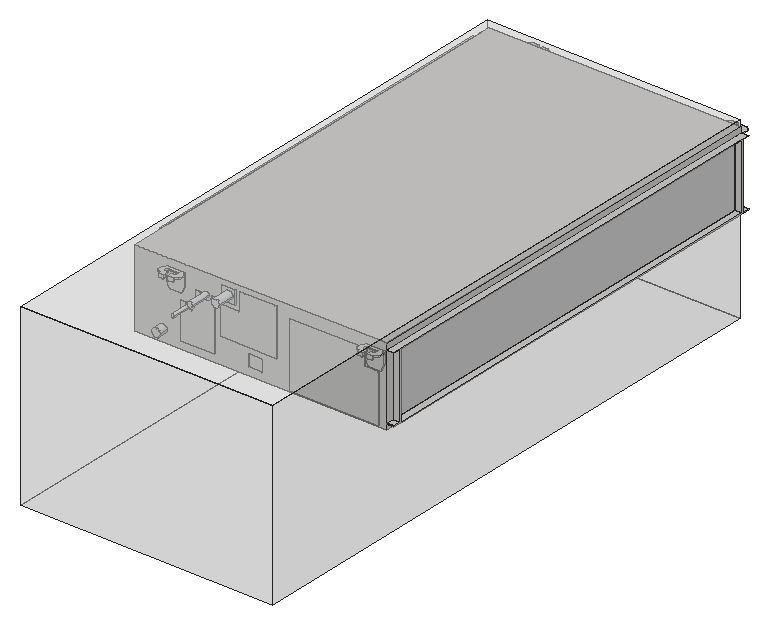
Revit family "outputfile", category 機械設備, Revit 2024
Family settings
  丸型コネクタ寸法 = 半径を使用
  パーツ タイプ = 標準
  OmniClass 番号 = 23.75.10.24.21.27.27
  OmniClass タイトル = Split System Air Conditioning Units
  作業面ベース = いいえ
  常に垂直 = はい
  ロード時にボイドで切り取り = いいえ
  注釈の向きを維持 = いいえ
  共有 = いいえ
  部屋計算ポイント = はい
Parameters (values of type "FXSQ125PAVE8")
  Description = ""
  製造元 = "Daikin"
  書き出し IFC クラス(タイプ) = "IfcUnitaryEquipmentType"
  定義済み IFC タイプ(タイプ) = "AIRCONDITIONINGUNIT"
  Cost = 0
  モデル = "FXSQ125PAVE8"
  Type Comments = ""
  Keynote = ""
  Type Image = (empty or 0)
  Assembly Code = ""
  r_Liquid Pipe Size = Liquid Pipe Size / 2  # 4.75 mm
  r_Gas Pipe Size = Gas Pipe Size / 2  # 7.95 mm
  r_Drain Pipe Size = Drain Pipe Size / 2  # 12.5 mm
  lw_power = 770.0 mm  # constant formula
  lh_SA = 138.0 mm  # constant formula
  lw_SA = if(Depth = 550.0 mm, 225.0 mm, if(Depth = 700.0 mm, 300.0 mm, if(Depth = 1000.0 mm, 450.0 mm, if(Depth = 1400.0 mm, 650.0 mm, 725.0 mm))))  # 650.0 mm
  lw_RA = if(Depth = 550.0 mm, 275.0 mm, if(Depth = 700.0 mm, 349.0 mm, if(Depth = 1000.0 mm, 499.0 mm, if(Depth = 1400.0 mm, 699.0 mm, 775.0 mm))))  # 699.0 mm
  lh_power = 60.0 mm + [h***]  # 60.0 mm
  lh_mountinghole1 = lh_mountinghole + [h***]  # 222.0 mm
  lh_RA = 123.0 mm  # constant formula
  ld_power = Depth / 2  # 700.0 mm
  Voltage_comment_60Hz = "220"
  Voltage_comment_50Hz = "220-240"
  Voltage_60Hz = 220 V
  Voltage_50Hz = 220 V
  URL = ""
  Supply Air Direction [instance] = yes
  Sound Power Level_H speed (dB) = 70
  Phase_60Hz = 1
  Phase_50Hz = 1
  Minimum External Static Pressure = 50.00 Pa
  Minimum Circuit Amps_60Hz = 2.8 A
  Minimum Circuit Amps_50Hz = 2.8 A
  Maximum Fuse Amps_60Hz = 16.0 A
  Maximum Fuse Amps_50Hz = 16.0 A
  Maximum External Static Pressure = 150.00 Pa
  Material_Casing = DAIKIN_GalvanizedSteel_Casing_indoorunit
  lw_mountinghole = 630.0 mm  # constant formula
  lh_gaspipe = 183.0 mm + [h***]  # 183.0 mm
  lh_mountinghole = 222.0 mm  # constant formula
  lh_liquidpipe = 136.0 mm + [h***]  # 136.0 mm
  lh_drainpipe = 207.0 mm + [h***]  # 207.0 mm
  lh_antena = Height - lh_mountinghole + 1.0 mm  # 24.0 mm
  ld_drainpipe = Depth / 2 + 53.0 mm  # 753.0 mm
  ld_liquidpipe = Depth / 2 + 69.0 mm  # 769.0 mm
  ld_gaspipe = Depth / 2 + 65.0 mm  # 765.0 mm
  ld_mountinghole = Depth + 38.0 mm  # 1438.0 mm
  h*** = 0.0 mm  # constant formula
  lw_liquidpipe = 179.0 mm  # constant formula
  lw_gaspipe = 229.0 mm  # constant formula
  lw_drainpipe = 300.0 mm  # constant formula
  Width = 800.0 mm
  Version = "ver.1.0"
  Unit Type = "Middle Static Pressure Duct Type"
  Unit Mass Weight = 47.00 kg
  Unit Designation [instance] = ""
  Uniclass2015Version = "Products v1.30"
  Uniclass2015Title = "Variable refrigerant flow units"
  Uniclass2015Code = "Pr_70_65_03_94"
  Total Heating Capacity [instance] = 0.000 kW
  Total Cooling Capacity [instance] = 0.000 kW
  Sound Pressure Level_M speed (dBA) = 0
  Sound Pressure Level_L speed (dBA) = 35
  Sound Pressure Level_H speed (dBA) = 42
  Series = "VRV Fan Coil Unit"
  Sensible Cooling Capacity [instance] = 0.000 kW
  SA Duct Size Width = if(Depth = 550.0 mm, 337.0 mm, if(Depth = 700.0 mm, 492.0 mm, if(Depth = 1000.0 mm, 792.0 mm, if(Depth = 1400.0 mm, 1192.0 mm, 1337.0 mm))))  # 1192.0 mm
  SA Duct Size Height = 176.0 mm
  Refrigerant Type = "R410A"
  RA Duct Size Width = if(Depth = 550.0 mm, 502.0 mm, if(Depth = 700.0 mm, 654.0 mm, if(Depth = 1000.0 mm, 952.0 mm, if(Depth = 1400.0 mm, 1352.0 mm, 1502.0 mm))))  # 1352.0 mm
  RA Duct Size Height = 208.0 mm
  Power Input (Heating) = 0.355 kW
  Power Input (Cooling) = 0.360 kW
  Option Accessory 3 [instance] = ""
  Option Accessory 2 [instance] = ""
  Option Accessory 1 [instance] = ""
  Nominal Heating Capacity = 16.000 kW
  Nominal Cooling Capacity = 14.000 kW
  Minimum Airflow = 1560.00 m³/h
  Median Airflow = 1890.00 m³/h
  Maximum Airflow = 2220.00 m³/h
  Load Classification = HVAC
  Liquid Pipe Size = 9.5 mm
  Link_Nested Family [instance] = ""
  IfcVersion = "0"
  IfcExportType = "AIRCONDITIONINGUNIT"
  IfcExportAs = "IfcUnitaryEquipmentType"
  Height = 245.0 mm
  Heating Entering Wet Bulb Temperature [instance] = 0.00 °C
  Heating Entering Dry Bulb Temperature [instance] = 0.00 °C
  Heating Ambient Wet Bulb Temperature [instance] = 0.00 °C
  Heating Ambient Dry Bulb Temperature [instance] = 0.00 °C
  Heat Exchanger Type = "Cross Fin Coil"
  Gas Pipe Size = 15.9 mm
  Frequency_60Hz = 60 Hz
  Frequency_50Hz = 50 Hz
  Fan Type = "Sirocco Fan"
  Fan Drive = "Direct Drive"
  FCU Tag No. [instance] = ""
  Drain Pipe Size = 25.0 mm
  Design Supply Airflow [instance] = 0.00 m³/h
  Design Return Airflow [instance] = 0.00 m³/h
  Design External Static Pressure [instance] = 0.00 Pa
  Depth = 1400.0 mm
  既定の高さ = 0.0 mm
  Cooling Entering Wet Bulb Temperature [instance] = 0.00 °C
  Cooling Entering Dry Bulb Temperature [instance] = 0.00 °C
  Cooling Ambient Wet Bulb Temperature [instance] = 0.00 °C
  Cooling Ambient Dry Bulb Temperature [instance] = 0.00 °C
  Clearance visibility [instance] = yes
  Clearance Top = 20.0 mm
  Clearance Right = 0.0 mm
  Clearance Rear = 0.0 mm
  Clearance Left = 0.0 mm
  Clearance Front = 450.0 mm
  Clearance Bottom = 300.0 mm
Reference planes
  plane 1 "Center (Front/Back)": y = 0
  plane 2 "h": z = 0
  plane 3 "Center (Left/Right)": x = 0
  plane 4 "Back": y = 700
  plane 5 "Front": y = -700
  plane 6 "Left": x = -400
  plane 7 "Reight": x = 400
  plane 8 "Top": z = 0
  plane 9 "Bottom": z = -245
  plane 10: y = -215
  plane 11: y = 700
  plane 12: y = -1150
  plane 13: x = -400
  plane 14: x = 400
  plane 15: z = 20
  plane 16: z = -545
  plane 17: x = -400
  plane 18: x = -399
  plane 19: x = 399
  plane 20: y = 50
  plane 21: y = -1
  plane 22: z = -122
  plane 23: y = -701
  plane 24: z = -109
  plane 25: x = -221
  plane 26: y = -765
  plane 27: z = -62
  plane 28: x = -171
  plane 29: y = -753
  plane 30: z = -38
  plane 31: x = -100
  plane 32: x = -100
  plane 33: x = -221
  plane 34: x = -171
  plane 35: x = 370
  plane 36: x = -266
  plane 37: x = 364
  plane 38: y = -719
  plane 39: y = 719
  plane 40: z = -23
  plane 41: z = -107
  plane 42: y = -770
  plane 43: z = -207
  plane 44: x = -309
  plane 45: y = -726
  plane 46: x = -251
  plane 47: x = -203
  plane 48: x = -144
  plane 49: z = -59
  plane 50: z = -106
  plane 51: z = -221
  plane 52: z = -109
  plane 53: x = -221
  plane 54: z = -62
  plane 55: x = -171
  plane 56: z = -17
  plane 57: z = -59
  plane 58: x = -121
  plane 59: x = -79
  plane 60: x = -125
  plane 61: x = -64
  plane 62: x = 53
  plane 63: z = -164
  plane 64: z = -73
  plane 65: z = -16
  plane 66: x = 93.5
  plane 67: x = 374.5
  plane 68: x = 330
  plane 69: z = -88.5
  plane 70: z = -38
  plane 71: z = -242.5
  plane 72: x = -38.5
  plane 73: x = 6.5
  plane 74: z = -181
  plane 75: z = -221
  plane 76: y = -699
  plane 77: x = -424
  plane 78: x = 424
Forms (mm)
  Extrusion 1, solid, material "DAIKIN_GalvanizedSteel_Casing_indoorunit" <- "Material_Casing"
    sketch origin (0, 0, 0) x (1, 0, 0) y (0, 1, 0)
      loop
        line (-399, 700) -> (-399, -700) -> (399, -700) -> (399, 700) -> (-399, 700)
    from -245 to 0
  Extrusion 2, solid, material "DAIKIN_GalvanizedSteel_Casing_indoorunit" <- "Material_Casing"
    sketch origin (0, 0, 0) x (1, 0, 0) y (0, 0, 1)
      loop
        line (-251, -221) -> (-144, -221) -> (-144, -59) -> (-154.47, -59)
        arc (-154.47, -59) -> (-171, -78.8) -> (-187.53, -59) r 16.8
        line (-187.53, -59) -> (-203, -59) -> (-203, -106) -> (-206.916, -106)
        arc (-206.916, -106) -> (-221, -123.4) -> (-235.084, -106) r 14.4
        line (-235.084, -106) -> (-251, -106) -> (-251, -221)
    from 700 to 701
  Extrusion 3, solid, material "DAIKIN_GalvanizedSteel_Casing_indoorunit" <- "Material_Casing"
    sketch origin (0, 0, 0) x (1, 0, 0) y (0, 0, 1)
      loop
        line (-121, -17) -> (-121, -59) -> (-79, -59) -> (-79, -17) -> (-121, -17)
      loop
        line (-125, -73) -> (-125, -164) -> (53, -164) -> (53, -16) -> (-64, -16) -> (-64, -73) -> (-125, -73)
    from 700 to 701
  Extrusion 4, solid, material "DAIKIN_GalvanizedSteel_Casing_indoorunit" <- "Material_Casing"
    sketch origin (0, 0, 0) x (1, 0, 0) y (0, 0, 1)
      loop
        line (93.5, -38) -> (93.5, -242.5) -> (374.5, -242.5) -> (374.5, -88.5) -> (330, -88.5) -> (330, -38) -> (93.5, -38)
    from 700 to 701
  Extrusion 5, solid
    sketch origin (0, 0, 0) x (1, 0, 0) y (0, 0, 1)
      loop
        circle (-221, -109) r 4.75
    from 700 to 770
  Extrusion 6, solid
    sketch origin (0, 0, 0) x (1, 0, 0) y (0, 0, 1)
      loop
        circle (-171, -62) r 7.95
    from 700 to 765
  Extrusion 7, solid
    sketch origin (0, 0, 0) x (1, 0, 0) y (0, 0, 1)
      loop
        circle (-100, -38) r 12.5
    from 701 to 753
  Extrusion 8, solid, material "DAIKIN_GalvanizedSteel_Casing_indoorunit" <- "Material_Casing"
    sketch origin (0, 0, 0) x (1, 0, 0) y (0, 0, 1)
      loop
        circle (-309, -207) r 13
    from 700 to 726
  Extrusion 9, void
    sketch origin (0, 0, 0) x (1, 0, 0) y (0, 0, 1)
      loop
        line (-38.5, -181) -> (-38.5, -221) -> (6.5, -221) -> (6.5, -181) -> (-38.5, -181)
    from 699 to 700
Cuts and joins
  Extrusion 9 cuts Extrusion 1
Dimensions and locks
  "Height": plane 8 "Top" to plane 9 "Bottom"
  equal spacing: plane 4 "Back", plane 1 "Center (Front/Back)", plane 5 "Front"
  "Depth": plane 4 "Back" to plane 5 "Front"
  equal spacing: plane 6 "Left", plane 3 "Center (Left/Right)", plane 7 "Reight"
  "Width": plane 6 "Left" to plane 7 "Reight"
  "Clearance Left": plane 13 to plane 6 "Left"
  "Clearance Right": plane 7 "Reight" to plane 14
  "Clearance Rear": plane 11 to plane 4 "Back"
  "Clearance Front": plane 5 "Front" to plane 12
  "Clearance Top": plane 15 to plane 8 "Top"
  "Clearance Bottom": plane 9 "Bottom" to plane 16
  locked: plane 17 to plane 18 at 1
  locked: plane 19 to plane 14 at 1
  "lw_SA": plane 11 to plane 20
  "lw_RA": plane 21 to plane 5 "Front"
  "lh_RA": plane 22 to plane 9 "Bottom"
  locked: plane 5 "Front" to plane 23 at 1
  "lw_liquidpipe": plane 25 to plane 6 "Left"
  "lh_liquidpipe": plane 24 to plane 9 "Bottom"
  "lh_gaspipe": plane 27 to plane 9 "Bottom"
  "lw_gaspipe": plane 28 to plane 6 "Left"
  "ld_gaspipe": plane 26 to plane 1 "Center (Front/Back)"
  "ld_drainpipe": plane 29 to plane 1 "Center (Front/Back)"
  "lh_drainpipe": plane 30 to plane 9 "Bottom"
  "lw_drainpipe": plane 31 to plane 6 "Left"
  "lw_drainpipe": plane 6 "Left" to plane 32
  "lw_liquidpipe": plane 6 "Left" to plane 33
  "lw_gaspipe": plane 6 "Left" to plane 34
  "lw_power": plane 6 "Left" to plane 35
  locked: plane 17 to plane 36 at 134
  "lw_mountinghole": plane 36 to plane 37
  equal spacing: plane 38, plane 1 "Center (Front/Back)", plane 39
  "ld_mountinghole": plane 39 to plane 38
  "lh_mountinghole": plane 40 to plane 9 "Bottom"
  "lh_SA": plane 41 to plane 9 "Bottom"
  "ld_liquidpipe": plane 21 to plane 42
  locked: plane 44 to plane 6 "Left" at 91
  locked: plane 43 to plane 9 "Bottom" at 38
  locked: plane 5 "Front" to plane 45 at 26
  plane 48 to plane 47 to plane 46 to plane 6 "Left" = 59.0 mm, 48.0 mm, 149.0 mm
  plane 8 "Top" to plane 49 to plane 50 to plane 51 = 59.0 mm locked, 47.0 mm locked, 115.0 mm locked
  plane 55 to plane 53 to plane 6 "Left" = 50.0 mm locked, 179.0 mm locked
  plane 54 to plane 52 to plane 9 "Bottom" = 47.0 mm locked, 136.0 mm locked
  plane 59 to plane 58 to plane 6 "Left" = 42.0 mm locked, 279.0 mm locked
  plane 8 "Top" to plane 56 to plane 57 = 17.0 mm locked, 42.0 mm locked
  plane 62 to plane 61 to plane 60 to plane 6 "Left" = 117.0 mm, 61.0 mm, 275.0 mm
  plane 8 "Top" to plane 65 to plane 64 = 16.0 mm locked, 57.0 mm locked
  locked: plane 65 to plane 63 at 148
  plane 8 "Top" to plane 70 to plane 69 to plane 71 = 38.0 mm locked, 50.5 mm locked, 154.0 mm locked
  plane 67 to plane 68 to plane 66 to plane 6 "Left" = 44.5 mm locked, 236.5 mm locked, 493.5 mm locked
  plane 8 "Top" to plane 74 to plane 75 = 181.0 mm locked, 40.0 mm locked
  plane 73 to plane 72 to plane 6 "Left" = 45.0 mm, 361.5 mm
  locked: plane 76 to plane 5 "Front" at 1
  locked: plane 77 to plane 17 at 24
  locked: plane 14 to plane 78 at 24
  "r_Liquid Pipe Size": radius of Extrusion 5 sketch curve
  "r_Gas Pipe Size": radius of Extrusion 6 sketch curve
  "r_Drain Pipe Size": radius of Extrusion 7 sketch curve
  aligned and locked: level to plane 2 "h"
  aligned and locked: plane 8 "Top" to Extrusion 1
  aligned and locked: Extrusion 1 to plane 9 "Bottom"
  aligned and locked: nested 5 to plane 12
  aligned and locked: plane 13 to nested 5
  aligned and locked: plane 14 to nested 5
  aligned and locked: nested 5 to plane 13
  aligned and locked: plane 11 to nested 5
  aligned and locked: plane 15 to nested 5
  aligned and locked: plane 16 to nested 5
  aligned and locked: plane 5 "Front" to Extrusion 1 sketch curve
  aligned and locked: Extrusion 1 to plane 18
  aligned and locked: plane 19 to Extrusion 1
  aligned and locked: nested 7 to plane 18
  aligned and locked: nested 7 to plane 20
  aligned and locked: plane 19 to nested 8
  aligned and locked: plane 21 to nested 8
  aligned and locked: plane 22 to nested 8
  aligned and locked: Extrusion 2 to plane 23
  aligned and locked: plane 5 "Front" to Extrusion 2
  aligned and locked: Extrusion 3 to plane 23
  aligned and locked: plane 5 "Front" to Extrusion 3
  aligned and locked: plane 5 "Front" to Extrusion 4
  aligned and locked: Extrusion 5 sketch curve to plane 25
  aligned and locked: plane 24 to Extrusion 5 sketch curve
  aligned and locked: plane 5 "Front" to Extrusion 5
  aligned and locked: Extrusion 6 sketch curve to plane 28
  aligned and locked: plane 27 to Extrusion 6 sketch curve
  aligned and locked: plane 5 "Front" to Extrusion 6
  aligned and locked: Extrusion 7 sketch curve to plane 31
  aligned and locked: Extrusion 7 sketch curve to plane 30
  aligned and locked: Extrusion 7 to plane 29
  aligned and locked: plane 23 to Extrusion 7
  aligned and locked: nested 3 to plane 29
  aligned and locked: nested 3 to plane 32
  aligned and locked: nested 2 to plane 33
  aligned and locked: nested 1 to plane 34
  aligned and locked: Extrusion 6 to plane 26
  aligned and locked: nested 1 to plane 26
  aligned and locked: nested 6 to plane 5 "Front"
  aligned and locked: nested 6 to plane 35
  aligned and locked: plane 36 to nested 10
  aligned and locked: nested 10 to plane 5 "Front"
  aligned and locked: plane 37 to nested 9
  aligned and locked: nested 9 to plane 5 "Front"
  aligned and locked: nested 11 to plane 36
  aligned and locked: plane 4 "Back" to nested 11
  aligned and locked: nested 12 to plane 37
  aligned and locked: plane 4 "Back" to nested 12
  aligned and locked: plane 40 to nested 10
  aligned and locked: plane 40 to nested 11
  aligned and locked: plane 40 to nested 9
  aligned and locked: plane 40 to nested 12
  aligned and locked: plane 36 to nested 14
  aligned and locked: nested 14 to plane 39
  aligned and locked: plane 37 to nested 13
  aligned and locked: nested 13 to plane 39
  aligned and locked: plane 37 to nested 16
  aligned and locked: plane 38 to nested 16
  aligned and locked: plane 38 to nested 15
  aligned and locked: plane 36 to nested 15
  aligned and locked: plane 17 to plane 6 "Left"
  aligned and locked: plane 41 to nested 7
  aligned and locked: Extrusion 5 to plane 42
  aligned and locked: nested 2 to plane 42
  aligned and locked: Extrusion 8 sketch curve to plane 44
  aligned and locked: plane 43 to Extrusion 8 sketch curve
  aligned and locked: plane 5 "Front" to Extrusion 8
  aligned and locked: plane 45 to Extrusion 8
  aligned and locked: Extrusion 3 sketch curve to plane 56
  aligned and locked: Extrusion 3 sketch curve to plane 58
  aligned and locked: plane 57 to Extrusion 3 sketch curve
  aligned and locked: plane 59 to Extrusion 3 sketch curve
  aligned and locked: Extrusion 4 to plane 23
  aligned and locked: Extrusion 9 sketch curve to plane 74
  aligned and locked: plane 75 to Extrusion 9 sketch curve
  aligned and locked: plane 73 to Extrusion 9 sketch curve
  aligned and locked: plane 5 "Front" to Extrusion 9
  aligned and locked: plane 76 to Extrusion 9
  aligned and locked: nested 17 to plane 20
  aligned and locked: nested 17 to plane 77
  aligned and locked: plane 21 to nested 18
  aligned and locked: plane 78 to nested 18
  aligned and locked: plane 41 to nested 17
  aligned and locked: nested 18 to plane 22
  aligned and locked: nested 4 to plane 3 "Center (Left/Right)"
  aligned and locked: plane 1 "Center (Front/Back)" to nested 4
  aligned and locked: level to plane 8 "Top"
Automatic sketch dimensions
  plane 6 "Left" to Extrusion 1 sketch curve = 1.0 mm
  Extrusion 1 sketch curve to plane 7 "Reight" = 1.0 mm
  Extrusion 1 sketch curve to plane 4 "Back" = 0.0 mm
  Extrusion 2 sketch curve to plane 46 = 0.0 mm
  Extrusion 2 sketch curve to plane 33 = 0.0 mm
  Extrusion 2 sketch curve to plane 47 = 0.0 mm
  Extrusion 2 sketch curve to plane 34 = 0.0 mm
  Extrusion 2 sketch curve to plane 48 = 0.0 mm
  Extrusion 2 sketch curve to plane 51 = 0.0 mm
  Extrusion 2 sketch curve to plane 52 = 0.0 mm
  Extrusion 2 sketch curve to plane 50 = 0.0 mm  (x3)
  Extrusion 2 sketch curve to plane 54 = 0.0 mm
  Extrusion 2 sketch curve to plane 49 = 0.0 mm  (x3)
  plane 33 to Extrusion 2 sketch curve = 14.084 mm
  plane 34 to Extrusion 2 sketch curve = 16.53 mm
  Extrusion 3 sketch curve to plane 60 = 0.0 mm
  Extrusion 3 sketch curve to plane 61 = 0.0 mm
  Extrusion 3 sketch curve to plane 62 = 0.0 mm
  Extrusion 3 sketch curve to plane 63 = 0.0 mm
  Extrusion 3 sketch curve to plane 64 = 0.0 mm
  Extrusion 3 sketch curve to plane 65 = 0.0 mm
  Extrusion 4 sketch curve to plane 66 = 0.0 mm
  Extrusion 4 sketch curve to plane 68 = 0.0 mm
  Extrusion 4 sketch curve to plane 67 = 0.0 mm
  Extrusion 4 sketch curve to plane 71 = 0.0 mm
  Extrusion 4 sketch curve to plane 69 = 0.0 mm
  Extrusion 4 sketch curve to plane 70 = 0.0 mm
  Extrusion 9 sketch curve to plane 72 = 0.0 mm
  radius of Extrusion 8 sketch curve = 13.0 mm
Nested families
  nested 1: "daikin_connector_rotate2" at (-171, 0, -62), length <- "ld_gaspipe", built-in parameter 1001364 <- "lh_gaspipe", radius <- "r_Gas Pipe Size", type "daikin_connector_rotate2"
    with radius 7.95 mm, length 765.0 mm, angle_vertical 90.00°
  nested 2: "daikin_connector_rotate2" at (-221, -1, -109), length <- "ld_liquidpipe", built-in parameter 1001364 <- "lh_liquidpipe", radius <- "r_Liquid Pipe Size", type "daikin_connector_rotate2"
    with radius 4.75 mm, length 769.0 mm, angle_vertical 90.00°
  nested 3: "daikin_connector_rotate2" at (-100, 0, -38), length <- "ld_drainpipe", built-in parameter 1001364 <- "lh_drainpipe", radius <- "r_Drain Pipe Size", type "daikin_connector_rotate2"
    with radius 12.5 mm, length 753.0 mm, angle_vertical 90.00°
  nested 4: "daikin_△_symbolicline" at (0, 0, 245) x (0, -1, 0) z (0, 0, 1), built-in parameter 1001364 <- "Height", visible <- "Supply Air Direction", type "daikin_△_symbolicline"
    with length 200.0 mm
  nested 5: "daikin_clearancespace" at (0, -225, -262.381), visible <- "Clearance visibility", show <- "Clearance visibility", Link_Nested Family <- "Link_Nested Family", type "daikin_clearancespace"
    with width 800.0 mm, show yes, height 565.0 mm, depth 1850.0 mm, Link_Nested Family ""
  nested 6: "daikin_connector_rotate2" at (370, 0, -185), built-in parameter 1001364 <- "lh_power", length <- "ld_power", type "daikin_connector_rotate2"
    with radius 10.0 mm, length 700.0 mm, angle_vertical 90.00°
  nested 7: "daikin_ductflange_FXSQ-PAVE8_2" at (-399, 50, -107) x (0, -1, 0) z (0, 0, 1), type "daikin_ductflange_FXSQ-PAVE8_2"
    with width 1192.0 mm, w 1400.0 mm
  nested 8: "daikin_ductflange_FXSQ-PAVE8_1" at (399, -1, -122) x (0, 1, 0) z (0, 0, 1), type "daikin_ductflange_FXSQ-PAVE8_1"
    with width 1352.0 mm, w 1400.0 mm
  nested 9: "daikin_hangerfixture_FXSQ-PAVE8" at (364, -700, -23), type "daikin_hangerfixture_FXSQ-PAVE8"
  nested 10: "daikin_hangerfixture_FXSQ-PAVE8" at (-266, -700, -23), type "daikin_hangerfixture_FXSQ-PAVE8"
  nested 11: "daikin_hangerfixture_FXSQ-PAVE8" at (-266, 700, -23) x (-1, 0, 0) z (0, 0, 1), type "daikin_hangerfixture_FXSQ-PAVE8"
  nested 12: "daikin_hangerfixture_FXSQ-PAVE8" at (364, 700, -23) x (-1, 0, 0) z (0, 0, 1), type "daikin_hangerfixture_FXSQ-PAVE8"
  nested 13: "daikin_mountinghole" at (364, 719, -245), h_mountinghole <- "lh_mountinghole1", l_antenna <- "lh_antena", Link_Nested Family <- "Link_Nested Family", type "daikin_mountinghole"
    with show yes, l_antenna 24.0 mm, h_mountinghole 222.0 mm, Link_Nested Family ""
  nested 14: "daikin_mountinghole" at (-266, 719, -245), h_mountinghole <- "lh_mountinghole1", l_antenna <- "lh_antena", Link_Nested Family <- "Link_Nested Family", type "daikin_mountinghole"
    with show yes, l_antenna 24.0 mm, h_mountinghole 222.0 mm, Link_Nested Family ""
  nested 15: "daikin_mountinghole" at (-266, -719, -245), h_mountinghole <- "lh_mountinghole1", l_antenna <- "lh_antena", Link_Nested Family <- "Link_Nested Family", type "daikin_mountinghole"
    with show yes, l_antenna 24.0 mm, h_mountinghole 222.0 mm, Link_Nested Family ""
  nested 16: "daikin_mountinghole" at (364, -719, -245), h_mountinghole <- "lh_mountinghole1", l_antenna <- "lh_antena", Link_Nested Family <- "Link_Nested Family", type "daikin_mountinghole"
    with show yes, l_antenna 24.0 mm, h_mountinghole 222.0 mm, Link_Nested Family ""
  nested 17: "daikin_connector_rotate2" at (-400, 50, -107) x (0, -1, 0) z (0, 0, 1), type "daikin_connector_rotate2"
    with radius 10.0 mm, length 24.0 mm, angle_vertical 90.00°
  nested 18: "daikin_connector_rotate2" at (400, -1, -122) x (0, 1, 0) z (0, 0, 1), type "daikin_connector_rotate2"
    with radius 10.0 mm, length 24.0 mm, angle_vertical 90.00°
Connectors
  piping at (-100, -753, -38), diameter 25, driven by "r_Drain Pipe Size"
    settings: on nested 3, index 3, connector inside diameter 609.6 mm, connector length 0.0 mm, flow factor 0, pipe flow 0.00 m³/h, pressure drop 0.0 Pa, fitting loss kfactor 0, connector angle 0.00°, fixture units 0, engagement length 0.0 mm, angle of deflection 0.00°, flow configuration 1, flow direction 2, fitting loss method 4, system type 16, joint type 0, gender type 0, connector reference index -1, connector utility 0, adjustable connector no, is connector primary yes, connector description "Condensate Drain Piping"
  piping at (-171, -765, -62), diameter 15.9, driven by "r_Gas Pipe Size"
    settings: on nested 1, index 4, connector inside diameter 609.6 mm, connector length 0.0 mm, flow factor 0, pipe flow 0.00 m³/h, pressure drop 0.0 Pa, fitting loss kfactor 0, connector angle 0.00°, fixture units 0, engagement length 0.0 mm, angle of deflection 0.00°, flow configuration 1, flow direction 2, fitting loss method 0, system type 29, joint type 0, gender type 0, connector reference index -1, connector utility 0, adjustable connector no, is connector primary no, connector description "Refrigerant Gas Piping"
  piping at (-221, -770, -109), diameter 9.5, driven by "r_Liquid Pipe Size"
    settings: on nested 2, index 5, connector inside diameter 609.6 mm, connector length 0.0 mm, flow factor 0, pipe flow 0.00 m³/h, pressure drop 0.0 Pa, fitting loss kfactor 0, connector angle 0.00°, fixture units 0, engagement length 0.0 mm, angle of deflection 0.00°, flow configuration 1, flow direction 1, fitting loss method 0, system type 29, joint type 0, gender type 0, connector reference index -1, connector utility 0, adjustable connector no, is connector primary no, connector description "Refrigerant Liquid Piping"
  electrical at (370, -700, -185), driven by "Load Classification"
    settings: on nested 6, index 6, voltage 0 V, apparent load 0 VA, apparent load phase1 0 VA, apparent load phase2 0 VA, apparent load phase3 0 VA, power factor 1, load classification "HVAC", number of poles 1, system type 30, power factor state 1, is connector primary yes, connector utility no, sub classification motor no, connector description "Power Supply"
  hvac at (-424, 50, -107), driven by "SA Duct Size Height", driven by "SA Duct Size Width"
    settings: on nested 17, index 7, duct flow 0.00 m³/h, flow factor 0, pres drop 0.00 Pa, loss coef 0, conn angle 0.00°, conn width 1192.0 mm, conn height 176.0 mm, conn diameter 609.6 mm, duct sys type 1, conn prof type 1, flow config 0, flow direction 2, loss method 4, conn ref index -1, conn util no, is conn primary yes, conn desc "SA Duct"
  hvac at (424, -1, -122), driven by "RA Duct Size Height", driven by "RA Duct Size Width"
    settings: on nested 18, index 8, duct flow 0.00 m³/h, flow factor 0, pres drop 0.00 Pa, loss coef 0, conn angle 0.00°, conn width 1352.0 mm, conn height 208.0 mm, conn diameter 609.6 mm, duct sys type 2, conn prof type 1, flow config 0, flow direction 1, loss method 4, conn ref index -1, conn util no, is conn primary no, conn desc "RA Duct"
Definition of nested family "daikin_clearancespace"
  Parameters (values of type "daikin_clearancespace")
    width [instance] = 1823.963 mm
    show [instance] = yes
    material = none
    height [instance] = 1359.762 mm
    depth [instance] = 880.0 mm
    Default Elevation = 0.0 mm
    Link_Nested Family [instance] = ""
  Reference planes
    plane 1 "Center (Front/Back)": y = 0
    plane 2 "Center (Elevation)": z = -0.119
    plane 3 "Center (Left/Right)": x = 0
    plane 4: y = 440
    plane 5: y = -440
    plane 6 "Right": x = 911.982
    plane 7 "Left": x = -911.982
    plane 8 "Top": z = 679.762
    plane 9 "Bottom": z = -680
  Forms (mm)
    Extrusion 1, solid, material <- "material", visible <- "show"
      sketch origin (0, 0, 0) x (1, 0, 0) y (0, 1, 0)
        loop
          line (-911.982, 440) -> (-911.982, -440) -> (911.982, -440) -> (911.982, 440) -> (-911.982, 440)
      from -680 to 679.762
  Lines and regions (mm)
    symbolic lines, visible <- "show"
      curve 1: line (911.982, 440, 0) -> (-911.982, 440, 0)
      curve 2: line (-911.982, 440, 0) -> (-911.982, -440, 0)
      curve 3: line (-911.982, -440, 0) -> (911.982, -440, 0)
      curve 4: line (911.982, -440, 0) -> (911.982, 440, 0)
      curve 5: line (911.982, 0, 679.762) -> (-911.982, 0, 679.762)
      curve 6: line (911.982, 0, -680) -> (911.982, 0, 679.762)
      curve 7: line (-911.982, 0, -680) -> (911.982, 0, -680)
      curve 8: line (-911.982, 0, 679.762) -> (-911.982, 0, -680)
      curve 9: line (0, 440, 679.762) -> (0, -440, 679.762)
      curve 10: line (0, -440, 679.762) -> (0, -440, -680)
      curve 11: line (0, 440, -680) -> (0, 440, 679.762)
      curve 12: line (0, -440, -680) -> (0, 440, -680)
  Dimensions and locks
    "width": plane 7 "Left" to plane 6 "Right"
    "depth": plane 4 to plane 5
    "height": plane 8 "Top" to plane 9 "Bottom"
    equal spacing: plane 7 "Left", plane 3 "Center (Left/Right)", plane 6 "Right"
    equal spacing: plane 4, plane 1 "Center (Front/Back)", plane 5
    equal spacing: plane 8 "Top", plane 2 "Center (Elevation)", plane 9 "Bottom"
    aligned and locked: level to plane 2 "Center (Elevation)"
    aligned and locked: Extrusion 1 sketch curve to plane 4
    aligned and locked: plane 7 "Left" to Extrusion 1 sketch curve
    aligned and locked: Extrusion 1 sketch curve to plane 5
    aligned and locked: Extrusion 1 sketch curve to plane 6 "Right"
    aligned and locked: plane 8 "Top" to Extrusion 1
    aligned and locked: curve 1 to Extrusion 1
    aligned and locked: curve 2 to Extrusion 1
    aligned and locked: curve 3 to Extrusion 1
    aligned and locked: curve 4 to Extrusion 1
    aligned and locked: curve 5 to Extrusion 1
    aligned and locked: curve 6 to Extrusion 1
    aligned and locked: curve 7 to Extrusion 1
    aligned and locked: curve 8 to Extrusion 1
    aligned and locked: curve 9 to Extrusion 1
    aligned and locked: curve 10 to Extrusion 1
    aligned and locked: curve 11 to Extrusion 1
    aligned and locked: curve 12 to Extrusion 1
    aligned and locked: Extrusion 1 to plane 9 "Bottom"
Definition of nested family "daikin_ductflange_FXSQ-PAVE8_2"
  Parameters (values of type "daikin_ductflange_FXMQ-PAVE2")
    width = if(w = 550.0 mm, 337.0 mm, if(w = 700.0 mm, 492.0 mm, if(w = 1000.0 mm, 792.0 mm, if(w = 1400.0 mm, 1192.0 mm, 1337.0 mm))))  # 337.0 mm
    material = none
    height = 215.0 mm
    depth = 1.0 mm
    w = 550.0 mm
    Default Elevation = 0.0 mm
  Reference planes
    plane 1 "Center (Front/Back)": y = 0
    plane 2: z = 0
    plane 3 "Center (Left/Right)": x = 0
    plane 4: z = 88
    plane 5: z = -88
    plane 6: y = -25
    plane 7: z = 106
    plane 8: z = 89
    plane 9: y = -1
    plane 10: x = -192.5
    plane 11: x = 192.5
    plane 12: z = -106
    plane 13: z = -89
    plane 14: y = -1
    plane 15: x = 168.5
    plane 16: x = -168.5
    plane 17: x = 169.5
    plane 18: z = 87
    plane 19: z = -87
    plane 20: x = -169.5
    plane 21: z = 87
    plane 22: z = -87
    plane 23: y = -1
  Forms (mm)
    Extrusion 1, solid, material <- "material"
      sketch origin (0, 0, 0) x (0, 1, 0) y (0, 0, 1)
        loop
          line (-25, 88) -> (0, 88) -> (0, 106) -> (-1, 106) -> (-1, 89) -> (-25, 89) -> (-25, 88)
      from -192.5 to 192.5
    Extrusion 2, solid, material <- "material"
      sketch origin (0, 0, 0) x (0, 1, 0) y (0, 0, 1)
        loop
          line (-25, -88) -> (-25, -89) -> (-1, -89) -> (-1, -106) -> (0, -106) -> (0, -88) -> (-25, -88)
      from -192.5 to 192.5
    Extrusion 3, solid, material <- "material"
      sketch origin (0, 0, 0) x (1, 0, 0) y (0, 0, 1)
        loop
          line (168.5, 88) -> (168.5, -88) -> (192.5, -88) -> (192.5, -87) -> (169.5, -87) -> (169.5, 87) -> (192.5, 87) -> (192.5, 88) -> (168.5, 88)
      from 0 to 25
    Extrusion 4, solid, material <- "material"
      sketch origin (0, 0, 0) x (1, 0, 0) y (0, 0, 1)
        loop
          line (-192.5, 88) -> (-192.5, 87) -> (-169.5, 87) -> (-169.5, -87) -> (-192.5, -87) -> (-192.5, -88) -> (-168.5, -88) -> (-168.5, 88) -> (-192.5, 88)
      from 0 to 25
    Extrusion 5, solid, material <- "material"
      sketch origin (0, 0, 0) x (1, 0, 0) y (0, 0, 1)
        loop
          line (-192.5, 88) -> (-192.5, -88) -> (-168.5, -88) -> (-168.5, 88) -> (-192.5, 88)
        loop
          line (192.5, 88) -> (168.5, 88) -> (168.5, -88) -> (192.5, -88) -> (192.5, 88)
      from 0 to 1
  Cuts and joins
    joined: Extrusion 1, Extrusion 2, Extrusion 3, Extrusion 4, Extrusion 5
  Dimensions and locks
    plane 4 to level to plane 5 = 88.0 mm, 88.0 mm
    locked: plane 6 to plane 1 "Center (Front/Back)" at 25
    locked: plane 9 to plane 1 "Center (Front/Back)" at 1
    locked: plane 8 to plane 4 at 1
    locked: plane 16 to plane 10 at 24
    locked: plane 17 to plane 15 at 1
    locked: plane 4 to plane 18 at 1
    locked: plane 19 to plane 5 at 1
    "width": plane 15 to plane 16
    plane 4 to plane 5 = 176.0 mm
    locked: plane 16 to plane 20 at 1
    locked: plane 4 to plane 21 at 1
    locked: plane 22 to plane 5 at 1
    locked: plane 23 to plane 1 "Center (Front/Back)" at 1
    plane 4 to level to plane 5 = 88.0 mm locked, 88.0 mm locked
    locked: plane 5 to plane 13 at 1
    locked: plane 5 to plane 12 at 18
    locked: plane 7 to plane 4 at 18
    equal spacing: plane 15, plane 3 "Center (Left/Right)", plane 16
    locked: plane 11 to plane 15 at 24
    plane 11 to plane 10 = 385.0 mm
    aligned and locked: level to plane 2
    aligned and locked: Extrusion 1 to plane 10
    aligned and locked: plane 11 to Extrusion 1
    aligned and locked: plane 5 to Extrusion 2
    aligned and locked: Extrusion 2 to plane 1 "Center (Front/Back)"
    aligned and locked: plane 15 to Extrusion 3 sketch curve
    aligned and locked: Extrusion 3 sketch curve to Extrusion 2  (x2)
    aligned and locked: Extrusion 3 sketch curve to plane 11
    aligned and locked: plane 6 to Extrusion 3
    aligned and locked: Extrusion 2 to plane 10
    aligned and locked: plane 11 to Extrusion 2
    aligned and locked: Extrusion 4 sketch curve to Extrusion 1  (x2)
    aligned and locked: plane 5 to Extrusion 4 sketch curve
    aligned and locked: Extrusion 4 sketch curve to plane 16
    aligned and locked: Extrusion 4 sketch curve to plane 22
    aligned and locked: plane 20 to Extrusion 4 sketch curve
    aligned and locked: plane 21 to Extrusion 4 sketch curve
    aligned and locked: Extrusion 4 to plane 1 "Center (Front/Back)"
    aligned and locked: plane 6 to Extrusion 4
    aligned and locked: Extrusion 5 sketch curve to Extrusion 1  (x4)
    aligned and locked: Extrusion 5 sketch curve to Extrusion 4  (x2)
    aligned and locked: Extrusion 5 sketch curve to Extrusion 3  (x2)
    aligned and locked: Extrusion 5 to plane 1 "Center (Front/Back)"
    aligned and locked: plane 23 to Extrusion 5
  Automatic sketch dimensions
    Extrusion 1 sketch curve to plane 6 = 0.0 mm
    Extrusion 1 sketch curve to plane 7 = 0.0 mm
    Extrusion 1 sketch curve to plane 9 = 0.0 mm
    Extrusion 1 sketch curve to plane 1 "Center (Front/Back)" = 0.0 mm
    Extrusion 1 sketch curve to plane 4 = 0.0 mm
    Extrusion 1 sketch curve to plane 8 = 0.0 mm
    Extrusion 2 sketch curve to plane 6 = 0.0 mm
    plane 12 to Extrusion 2 sketch curve = 0.0 mm
    Extrusion 2 sketch curve to plane 14 = 0.0 mm
    Extrusion 2 sketch curve to plane 1 "Center (Front/Back)" = 0.0 mm
    plane 13 to Extrusion 2 sketch curve = 0.0 mm
    Extrusion 2 sketch curve to plane 5 = 0.0 mm
    Extrusion 3 sketch curve to plane 17 = 0.0 mm
    Extrusion 3 sketch curve to plane 19 = 0.0 mm
    Extrusion 3 sketch curve to plane 18 = 0.0 mm
    Extrusion 3 sketch curve to plane 4 = 0.0 mm
    Extrusion 4 sketch curve to plane 10 = 0.0 mm
Definition of nested family "daikin_ductflange_FXSQ-PAVE8_1"
  Parameters (values of type "daikin_ductflange_FXMQ-PAVE")
    width = if(w = 550.0 mm, 502.0 mm, if(w = 700.0 mm, 654.0 mm, if(w = 1000.0 mm, 952.0 mm, if(w = 1400.0 mm, 1352.0 mm, 1502.0 mm))))  # 502.0 mm
    material = none
    height = 208.0 mm
    depth = 1.0 mm
    w = 550.0 mm
    Default Elevation = 0.0 mm
  Reference planes
    plane 1 "Center (Front/Back)": y = 0
    plane 2: z = 0
    plane 3 "Center (Left/Right)": x = 0
    plane 4: z = 104
    plane 5: z = -104
    plane 6: y = -25
    plane 7: z = 121
    plane 8: z = 105
    plane 9: y = -1
    plane 10: x = -275
    plane 11: x = 275
    plane 12: z = -122
    plane 13: z = -105
    plane 14: y = -1
    plane 15: x = 251
    plane 16: x = -251
    plane 17: x = 252
    plane 18: z = 103
    plane 19: z = -103
    plane 20: x = -252
    plane 21: z = 103
    plane 22: z = -103
    plane 23: y = -1
  Forms (mm)
    Extrusion 1, solid, material <- "material"
      sketch origin (0, 0, 0) x (0, 1, 0) y (0, 0, 1)
        loop
          line (-25, 104) -> (0, 104) -> (0, 121) -> (-1, 121) -> (-1, 105) -> (-25, 105) -> (-25, 104)
      from -275 to 275
    Extrusion 2, solid, material <- "material"
      sketch origin (0, 0, 0) x (0, 1, 0) y (0, 0, 1)
        loop
          line (-25, -104) -> (-25, -105) -> (-1, -105) -> (-1, -122) -> (0, -122) -> (0, -104) -> (-25, -104)
      from -275 to 275
    Extrusion 3, solid, material <- "material"
      sketch origin (0, 0, 0) x (1, 0, 0) y (0, 0, 1)
        loop
          line (251, 104) -> (251, -104) -> (275, -104) -> (275, -103) -> (252, -103) -> (252, 103) -> (275, 103) -> (275, 104) -> (251, 104)
      from 0 to 25
    Extrusion 4, solid, material <- "material"
      sketch origin (0, 0, 0) x (1, 0, 0) y (0, 0, 1)
        loop
          line (-275, 104) -> (-275, 103) -> (-252, 103) -> (-252, -103) -> (-275, -103) -> (-275, -104) -> (-251, -104) -> (-251, 104) -> (-275, 104)
      from 0 to 25
    Extrusion 5, solid, material <- "material"
      sketch origin (0, 0, 0) x (1, 0, 0) y (0, 0, 1)
        loop
          line (-275, 104) -> (-275, -104) -> (-251, -104) -> (-251, 104) -> (-275, 104)
        loop
          line (275, 104) -> (251, 104) -> (251, -104) -> (275, -104) -> (275, 104)
      from 0 to 1
  Cuts and joins
    joined: Extrusion 1, Extrusion 2, Extrusion 3, Extrusion 4, Extrusion 5
  Dimensions and locks
    plane 4 to level to plane 5 = 104.0 mm, 104.0 mm
    locked: plane 6 to plane 1 "Center (Front/Back)" at 25
    locked: plane 9 to plane 1 "Center (Front/Back)" at 1
    locked: plane 8 to plane 4 at 1
    locked: plane 11 to plane 15 at 24
    locked: plane 16 to plane 10 at 24
    locked: plane 17 to plane 15 at 1
    locked: plane 4 to plane 18 at 1
    locked: plane 19 to plane 5 at 1
    "width": plane 15 to plane 16
    equal spacing: plane 15, plane 3 "Center (Left/Right)", plane 16
    locked: plane 16 to plane 20 at 1
    locked: plane 4 to plane 21 at 1
    locked: plane 22 to plane 5 at 1
    locked: plane 23 to plane 1 "Center (Front/Back)" at 1
    locked: plane 7 to plane 4 at 17
    locked: plane 1 "Center (Front/Back)" to plane 14 at 1
    locked: plane 5 to plane 13 at 1
    "height": plane 4 to plane 5
    plane 11 to plane 10 = 550.0 mm
    locked: plane 12 to plane 13 at 17
    equal spacing: plane 4, level, plane 5
    aligned and locked: level to plane 2
    aligned and locked: Extrusion 1 to plane 10
    aligned and locked: plane 11 to Extrusion 1
    aligned and locked: plane 5 to Extrusion 2
    aligned and locked: Extrusion 2 to plane 1 "Center (Front/Back)"
    aligned and locked: plane 15 to Extrusion 3 sketch curve
    aligned and locked: Extrusion 3 sketch curve to Extrusion 2  (x2)
    aligned and locked: Extrusion 3 sketch curve to plane 11
    aligned and locked: plane 6 to Extrusion 3
    aligned and locked: Extrusion 2 to plane 10
    aligned and locked: plane 11 to Extrusion 2
    aligned and locked: Extrusion 4 sketch curve to Extrusion 1  (x2)
    aligned and locked: plane 5 to Extrusion 4 sketch curve
    aligned and locked: Extrusion 4 sketch curve to plane 16
    aligned and locked: Extrusion 4 sketch curve to plane 22
    aligned and locked: plane 20 to Extrusion 4 sketch curve
    aligned and locked: plane 21 to Extrusion 4 sketch curve
    aligned and locked: Extrusion 4 to plane 1 "Center (Front/Back)"
    aligned and locked: plane 6 to Extrusion 4
    aligned and locked: Extrusion 5 sketch curve to Extrusion 1  (x4)
    aligned and locked: Extrusion 5 sketch curve to Extrusion 4  (x2)
    aligned and locked: Extrusion 5 sketch curve to Extrusion 3  (x2)
    aligned and locked: Extrusion 5 to plane 1 "Center (Front/Back)"
    aligned and locked: plane 23 to Extrusion 5
  Automatic sketch dimensions
    Extrusion 1 sketch curve to plane 6 = 0.0 mm
    Extrusion 1 sketch curve to plane 7 = 0.0 mm
    Extrusion 1 sketch curve to plane 9 = 0.0 mm
    Extrusion 1 sketch curve to plane 1 "Center (Front/Back)" = 0.0 mm
    Extrusion 1 sketch curve to plane 4 = 0.0 mm
    Extrusion 1 sketch curve to plane 8 = 0.0 mm
    Extrusion 2 sketch curve to plane 6 = 0.0 mm
    plane 12 to Extrusion 2 sketch curve = 0.0 mm
    Extrusion 2 sketch curve to plane 14 = 0.0 mm
    Extrusion 2 sketch curve to plane 1 "Center (Front/Back)" = 0.0 mm
    plane 13 to Extrusion 2 sketch curve = 0.0 mm
    Extrusion 2 sketch curve to plane 5 = 0.0 mm
    Extrusion 3 sketch curve to plane 17 = 0.0 mm
    Extrusion 3 sketch curve to plane 19 = 0.0 mm
    Extrusion 3 sketch curve to plane 18 = 0.0 mm
    Extrusion 3 sketch curve to plane 4 = 0.0 mm
    Extrusion 4 sketch curve to plane 10 = 0.0 mm
Definition of nested family "daikin_hangerfixture_FXSQ-PAVE8"
  Parameters (values of type "daikin_hangerfixture_FXMQ-PAVE")
    width = 72.0 mm
    material = none
    height = 60.0 mm
    depth = 41.0 mm
    Default Elevation = 0.0 mm
  Reference planes
    plane 1 "Center (Front/Back)": y = 0
    plane 2: z = 0
    plane 3 "Center (Left/Right)": x = 0
    plane 4: y = 417.146
    plane 5: y = -41
    plane 6: x = -36
    plane 7: x = 36
    plane 8: z = -2.3
    plane 9: z = -60
    plane 10: y = -2.3
    plane 11: z = -12
    plane 12: y = -38.7
  Forms (mm)
    Extrusion 1, solid, material <- "material"
      sketch origin (0, 0, 0) x (1, 0, 0) y (0, 1, 0)
        loop
          line (-28, 0) -> (-28, -5)
          arc (-28, -5) -> (-29.127, -8.162) -> (-32, -9.899) r 5
          arc (-32, -9.899) -> (-34.873, -11.636) -> (-36, -14.798) r 5
          line (-36, -14.798) -> (-36, -27.178)
          arc (-36, -27.178) -> (-35.429, -29.499) -> (-33.846, -31.289) r 5
          line (-33.846, -31.289) -> (-23, -38.798) -> (-23, -41.098) -> (-6.5, -41.098) -> (-6.5, -28.498)
          arc (-6.5, -28.498) -> (-7.379, -26.377) -> (-9.5, -25.498) r 3
          line (-9.5, -25.498) -> (-13.5, -25.498)
          arc (-13.5, -25.498) -> (-20, -18.998) -> (-13.5, -12.498) r 6.5
          line (-13.5, -12.498) -> (13.5, -12.498)
          arc (13.5, -12.498) -> (20, -18.998) -> (13.5, -25.498) r 6.5
          line (13.5, -25.498) -> (9.5, -25.498)
          arc (9.5, -25.498) -> (7.379, -26.377) -> (6.5, -28.498) r 3
          line (6.5, -28.498) -> (6.5, -41.098) -> (23, -41.098) -> (23, -38.798) -> (33.846, -31.289)
          arc (33.846, -31.289) -> (35.429, -29.499) -> (36, -27.178) r 5
          line (36, -27.178) -> (36, -14.596)
          arc (36, -14.596) -> (34.873, -11.434) -> (32, -9.697) r 5
          arc (32, -9.697) -> (29.127, -7.96) -> (28, -4.798) r 5
          line (28, -4.798) -> (28, 0) -> (-28, 0)
      from 0 to -2.3
    Extrusion 2, solid, material <- "material"
      sketch origin (0, 0, 0) x (1, 0, 0) y (0, 0, 1)
        loop
          line (28, -39.037) -> (28, 0) -> (-28, 0) -> (-28, -39.037)
          arc (-28, -39.037) -> (-27.91, -39.983) -> (-27.642, -40.894) r 5
          line (-27.642, -40.894) -> (-21.257, -56.857)
          arc (-21.257, -56.857) -> (-19.418, -59.14) -> (-16.615, -60) r 5
          line (-16.615, -60) -> (16.615, -60)
          arc (16.615, -60) -> (19.418, -59.14) -> (21.257, -56.857) r 5
          line (21.257, -56.857) -> (27.642, -40.894)
          arc (27.642, -40.894) -> (27.91, -39.983) -> (28, -39.037) r 5
      from 0 to 2.3
    Extrusion 3, solid, material <- "material"
      sketch origin (0, 0, 0) x (1, 0, 0) y (0, 0, 1)
        loop
          line (-23, 0) -> (-23, -9)
          arc (-23, -9) -> (-22.121, -11.121) -> (-20, -12) r 3
          line (-20, -12) -> (-9.5, -12)
          arc (-9.5, -12) -> (-7.379, -11.121) -> (-6.5, -9) r 3
          line (-6.5, -9) -> (-6.5, 0) -> (-23, 0)
        loop
          line (23, 0) -> (6.5, 0) -> (6.5, -9)
          arc (6.5, -9) -> (7.379, -11.121) -> (9.5, -12) r 3
          line (9.5, -12) -> (20, -12)
          arc (20, -12) -> (22.121, -11.121) -> (23, -9) r 3
          line (23, -9) -> (23, 0)
      from 38.8 to 41.098
  Cuts and joins
    joined: Extrusion 1, Extrusion 2, Extrusion 3
  Dimensions and locks
    plane 2 to plane 8 = 2.3 mm
    "height": plane 2 to plane 9
    locked: plane 10 to plane 1 "Center (Front/Back)" at 2.3
    locked: plane 2 to plane 11 at 12
    locked: plane 12 to plane 5 at 2.3
    aligned and locked: level to plane 2
    aligned and locked: Extrusion 1 to plane 8
    aligned and locked: plane 2 to Extrusion 1
    aligned and locked: plane 2 to Extrusion 2 sketch curve
    aligned and locked: Extrusion 2 to plane 10
    aligned and locked: Extrusion 2 to plane 1 "Center (Front/Back)"
    aligned and locked: Extrusion 3 sketch curve to cut or joined group of Extrusion 1, Extrusion 2, Extrusion 3  (x3)
    aligned and locked: cut or joined group of Extrusion 1, Extrusion 2, Extrusion 3 to Extrusion 3
  Automatic sketch dimensions
    Extrusion 2 sketch curve to plane 7 = 8.0 mm
    Extrusion 2 sketch curve to plane 8 = 36.737 mm
    plane 6 to Extrusion 2 sketch curve = 19.385 mm
    Extrusion 1 sketch curve to plane 6 = 0.0 mm
    plane 1 "Center (Front/Back)" to Extrusion 1 sketch curve = 0.0 mm
    Extrusion 1 sketch curve to plane 7 = 0.0 mm
    plane 6 to Extrusion 1 sketch curve = 2.154 mm
    plane 6 to Extrusion 1 sketch curve = 3.0 mm
    Extrusion 1 sketch curve to Extrusion 1 sketch curve = 5.0 mm  (x3)
    Extrusion 1 sketch curve to plane 12 = 0.098 mm  (x2)
    Extrusion 1 sketch curve to Extrusion 1 sketch curve = 4.0 mm  (x2)
    Extrusion 1 sketch curve to plane 5 = 0.098 mm  (x2)
    Extrusion 1 sketch curve to plane 3 "Center (Left/Right)" = 6.5 mm
    plane 3 "Center (Left/Right)" to Extrusion 1 sketch curve = 6.5 mm
    Extrusion 1 sketch curve to Extrusion 1 sketch curve = 3.0 mm
    Extrusion 1 sketch curve to plane 7 = 8.0 mm
    Extrusion 1 sketch curve to plane 7 = 5.0 mm
    Extrusion 1 sketch curve to plane 7 = 3.0 mm
    Extrusion 1 sketch curve to plane 7 = 2.154 mm
    plane 12 to Extrusion 1 sketch curve = 7.411 mm  (x2)
    plane 12 to Extrusion 1 sketch curve = 10.202 mm  (x2)
    Extrusion 1 sketch curve to Extrusion 1 sketch curve = 6.5 mm  (x2)
    Extrusion 1 sketch curve to Extrusion 1 sketch curve = 12.38 mm
    Extrusion 1 sketch curve to plane 10 = 12.296 mm
    Extrusion 1 sketch curve to plane 10 = 2.7 mm
    Extrusion 1 sketch curve to plane 10 = 2.498 mm
    plane 6 to Extrusion 1 sketch curve = 4.0 mm
    Extrusion 1 sketch curve to Extrusion 1 sketch curve = 0.0 mm  (x2)
    Extrusion 1 sketch curve to plane 7 = 4.0 mm
    Extrusion 1 sketch curve to Extrusion 1 sketch curve = 4.111 mm
    Extrusion 3 sketch curve to level = 0.0 mm  (x2)
    Extrusion 3 sketch curve to plane 11 = 0.0 mm  (x2)
    plane 11 to Extrusion 3 sketch curve = 3.0 mm  (x2)
    plane 3 "Center (Left/Right)" to Extrusion 3 sketch curve = 6.5 mm
    Extrusion 3 sketch curve to Extrusion 3 sketch curve = 3.0 mm  (x2)
    Extrusion 2 sketch curve to plane 9 = 0.0 mm
    Extrusion 2 sketch curve to Extrusion 2 sketch curve = 11.385 mm
    plane 6 to Extrusion 2 sketch curve = 8.0 mm
    plane 9 to Extrusion 2 sketch curve = 20.963 mm
    Extrusion 2 sketch curve to Extrusion 2 sketch curve = 5.0 mm  (x2)
    plane 9 to Extrusion 2 sketch curve = 3.143 mm  (x3)
    Extrusion 2 sketch curve to Extrusion 2 sketch curve = 4.642 mm  (x2)
    Extrusion 2 sketch curve to Extrusion 2 sketch curve = 0.0 mm  (x2)
    Extrusion 2 sketch curve to Extrusion 2 sketch curve = 0.358 mm
    Extrusion 2 sketch curve to Extrusion 2 sketch curve = 1.857 mm  (x2)
Definition of nested family "daikin_connector_rotate2"
  Parameters (values of type "daikin_connector_rotate2")
    Default Elevation = 1219.2 mm
    show_face = no
    radius [instance] = 10.0 mm
    length [instance] = 600.0 mm
    d_surface = 10.0 mm
    angle_vertical [instance] = 90.00°
  Reference planes
    plane 1 "Center (Front/Back)": y = 0
    plane 2: z = 0
    plane 3 "Center (Left/Right)": x = 0
  Forms (mm)
    Extrusion 1, solid, visible <- "show_face"
      sketch origin (0, -600, 0) x (1, 0, 0) y (0, 0, 1)
        loop
          circle (0, 0) r 10
      from 0 to -10
  Lines and regions (mm)
    reference lines
      curve 1: line (0, 0, 0) -> (0, -600, 0)
    symbolic lines
      curve 2: circle (0, 0, 0) r 5 normal (0, 0, 1)
    model lines, visible <- "show_face"
      curve 3: line (0, 0, 0) -> (0, -600, 0)
  Dimensions and locks
    "length": curve 1 to curve 1
    "length": curve 3 to curve 3
    "d_surface": Extrusion 1 to Extrusion 1
    "radius": radius of Extrusion 1 sketch curve
    "angle_vertical": angle curve 1 to plane 1 "Center (Front/Back)"
    "angle_vertical": angle curve 3 to plane 1 "Center (Front/Back)"
    aligned and locked: level to plane 2
    aligned and locked: plane 1 "Center (Front/Back)" to curve 1
    aligned and locked: plane 2 to curve 1
    aligned and locked: plane 1 "Center (Front/Back)" to curve 2
    aligned and locked: plane 3 "Center (Left/Right)" to curve 2
    aligned and locked: plane 1 "Center (Front/Back)" to curve 3
    aligned and locked: plane 2 to curve 3
    aligned and locked: Extrusion 1 to Extrusion 1
  Automatic sketch dimensions
    Extrusion 1 sketch curve to level = 0.0 mm
    Extrusion 1 sketch curve to plane 3 "Center (Left/Right)" = 0.0 mm
    radius of curve 2 = 5.0 mm
Definition of nested family "daikin_△_symbolicline"
  Parameters (values of type "daikin_△_symbolicline")
    length [instance] = 200.0 mm
    Default Elevation = 0.0 mm
  Reference planes
    plane 1 "Center (Front/Back)": y = 0
    plane 2: z = 0
    plane 3 "Center (Left/Right)": x = 0
  Lines and regions (mm)
    symbolic lines
      curve 1: line (0, -173.205, 0) -> (100, 0, 0)
      curve 2: line (100, 0, 0) -> (-100, 0, 0)
      curve 3: line (-100, 0, 0) -> (0, -173.205, 0)
  Dimensions and locks
    equal spacing: curve 3, plane 3 "Center (Left/Right)", curve 2
    "length": curve 3 to curve 2
    "length": curve 3 to curve 3
    "length": curve 1 to curve 1
    aligned and locked: level to plane 2
    aligned and locked: curve 2 to plane 1 "Center (Front/Back)"
    aligned and locked: plane 3 "Center (Left/Right)" to curve 3
Definition of nested family "daikin_mountinghole"
  Parameters (values of type "daikin_mountinghole")
    Default Elevation = 1219.2 mm
    Type Comments = "mountinghole"
    show [instance] = yes
    material = none
    l_centerline = 100.0 mm
    l_antenna [instance] = 100.0 mm
    h_mountinghole [instance] = 0.0 mm
    d_circle = 30.0 mm
    Link_Nested Family [instance] = ""
  Reference planes
    plane 1 "Center (Front/Back)": y = 0
    plane 2: z = 0
    plane 3 "Center (Left/Right)": x = 0
    plane 4: y = 50
    plane 5: x = -50
    plane 6: x = 50
    plane 7: y = -50
    plane 8 "h_mountinghole": z = 0
    plane 9: z = 100
  Lines and regions (mm)
    model lines, detail levels fine
      curve 1: circle (0, 0, 0) r 15 normal (0, 0, 1)
      curve 2: line (-50, 0, 0) -> (50, 0, 0)
      curve 3: line (0, 50, 0) -> (0, -50, 0)
    symbolic lines, detail levels fine
      curve 4: circle (0, 0, 0) r 15 normal (0, 0, 1)
      curve 5: line (-50, 0, 0) -> (50, 0, 0)
      curve 6: line (0, 50, 0) -> (0, -50, 0)
    model lines
      curve 7: line (0, 0, 100) -> (0, 0, 0)
  Dimensions and locks
    equal spacing: plane 4, plane 1 "Center (Front/Back)", plane 7
    "l_centerline": plane 4 to plane 7
    equal spacing: plane 5, plane 3 "Center (Left/Right)", plane 6
    "l_centerline": plane 5 to plane 6
    "l_antenna": plane 9 to plane 8 "h_mountinghole"
    "h_mountinghole": plane 8 "h_mountinghole" to plane 2
    "d_circle": diameter of curve 1
    "d_circle": diameter of curve 4
    aligned and locked: level to plane 2
    aligned and locked: plane 1 "Center (Front/Back)" to curve 1
    aligned and locked: plane 3 "Center (Left/Right)" to curve 1
    aligned and locked: plane 1 "Center (Front/Back)" to curve 2
    aligned and locked: curve 3 to plane 3 "Center (Left/Right)"
    aligned and locked: plane 6 to curve 2
    aligned and locked: plane 5 to curve 2
    aligned and locked: plane 4 to curve 3
    aligned and locked: plane 7 to curve 3
    aligned and locked: plane 1 "Center (Front/Back)" to curve 4
    aligned and locked: plane 3 "Center (Left/Right)" to curve 4
    aligned and locked: plane 6 to curve 5
    aligned and locked: plane 5 to curve 5
    aligned and locked: plane 1 "Center (Front/Back)" to curve 5
    aligned and locked: plane 4 to curve 6
    aligned and locked: plane 7 to curve 6
    aligned and locked: curve 6 to plane 3 "Center (Left/Right)"
    aligned and locked: curve 7 to plane 3 "Center (Left/Right)"
    aligned and locked: plane 9 to curve 7
    aligned and locked: plane 8 "h_mountinghole" to curve 7
